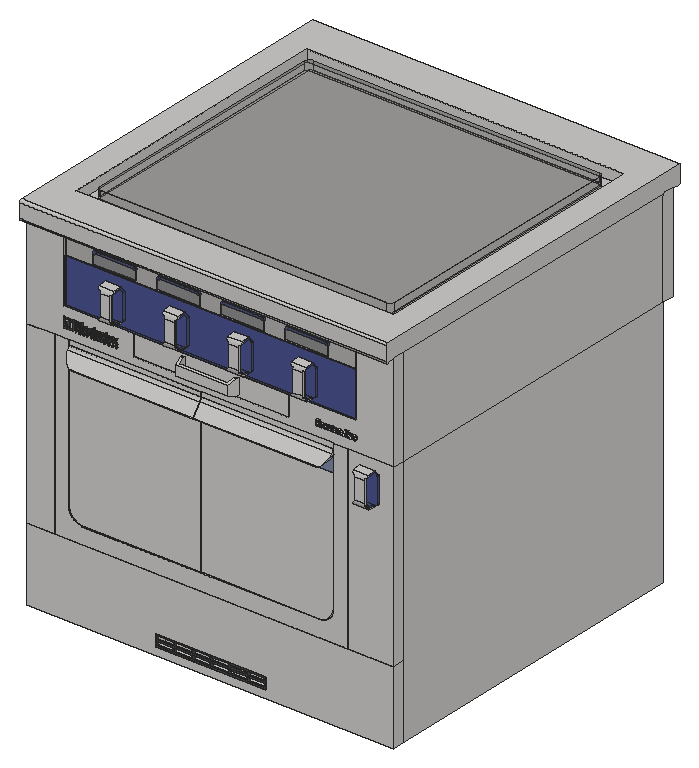
Revit family "QF_ELECTROLUXPROFESSIONAL_588466_MALQFAH4AO", category Attrezzature speciali, Revit 2020
Family settings
  Quota connettore circolare = Usa diametro
  Tipo di parte = Normale
  Basato su piano di lavoro = No
  Sempre verticale = Sì
  Taglio con vuoti quando caricato = No
  Condiviso = No
  Punto di calcolo locali = No
Parameters (values of type "Standard")
  Weight = 143.00 kg
  Watts = 14300 W
  Volts = 400 V
  URL Manufacturer = "https://www.electroluxprofessional.com/"
  URL = "https://www.electroluxprofessional.com/"
  Steam Supply Size = 0"
  Steam Supply Minimum Pressure = 0.00 psi
  Steam Supply Maximum Pressure = 0.00 psi
  Steam Consumption per Hour = 0
  Refrigeration Suction Line Size = 0 mm
  Refrigeration Liquid Line Size = 0 mm
  Refrigerant Compressor Remote = yes
  Prospetto di default = 0 mm
  Phase = 3
  Modello = "MALQFAH4AO"
  Produttore = "Electrolux Professional"
  Length Actual = 800 mm  # constant formula
  Item Number = "588466"
  Hot Water Size = 0"
  Height Actual = 800 mm  # constant formula
  HP = "19.2 HP"
  Gas Size = 0"
  Gas KW = 0
  Gas Input Pressure = 0.0 Btu/h
  Direct Waste Size = 0"
  Descrizione = "EL.SOLID T,ECO,WARM.CAB.1S,800X800X800H"
  Depth Actual = 800 mm  # constant formula
  Cycle = 50 Hz
  Condensate Return Size = 0"
  Compressed Air Volume = 0 GPM
  Compressed Air Size = 0"
  Compressed Air Pressure = 0.00 psi
  Cold Water Size = 0"
  Accessory = yes
Reference planes
  plane 1 "BACK": y = 0
  plane 2: z = 0
  plane 3 "LEFT": x = 0
  plane 4 "RIGHT": x = 800
  plane 5 "FRONT": y = -800
  plane 6 "TOP": z = 900
  plane 7 "Center (Left/Right)": x = 400
  plane 8: y = -400
  plane 9: z = 100
  plane 10: y = -150
  plane 11 "Panel": y = -755
  plane 12: z = 798
  plane 13: z = 1327
  plane 14: x = 78
  plane 15: x = 722
  plane 16: y = -150
  plane 17: y = -650
  plane 18 "EIx": x = 755
  plane 19 "EIy": y = -585
  plane 20: x = 380
  plane 21 "BASE_TOP": z = 650
  plane 22: x = 60
  plane 23: x = 700
  plane 24: z = 260
Forms (mm)
  Extrusion 1, solid, material "QF_Finishes_Stainless Steel"
    sketch origin (-178.969, -4572, 100) x (-1, 0, 0) y (0, -1, 0)
      loop
        line (-178.969, -4527) -> (-178.969, -3817) -> (-978.969, -3817) -> (-978.969, -4527) -> (-178.969, -4527)
    from 550 to 763
  Extrusion 2, solid, material "QF_Finishes_Stainless Steel"
    sketch origin (0, 0, 0) x (0, 1, 0) y (0, 0, 1)
      loop
        line (-755, 100) -> (-755, 260) -> (-780, 260) -> (-780, 100) -> (-755, 100)
    from 0 to 800
  Extrusion 3, solid, material "QF_Finishes_Stainless Steel"
    sketch origin (-588.969, -4562, 100) x (-1, 0, 0) y (0, -1, 0)
      loop
        circle (-1343.969, -3977) r 6.35
    from 0 to -11.851
  Extrusion 4, solid, material "QF_Finishes_Stainless Steel"
    sketch origin (400, 296.4, 1219.2) x (0, 1, 0) y (0, 0, 1)
      loop
        line (-296.4, -319.2) -> (-1091.4, -319.2)
        arc (-1091.4, -319.2) -> (-1094.935, -320.664) -> (-1096.4, -324.2) r 5
        line (-1096.4, -324.2) -> (-1096.4, -355.2)
        arc (-1096.4, -355.2) -> (-1094.971, -358.264) -> (-1091.705, -359.139) r 4
        line (-1091.705, -359.139) -> (-1076.4, -356.231) -> (-316.4, -356.231) -> (-301.094, -359.139)
        arc (-301.094, -359.139) -> (-297.829, -358.264) -> (-296.4, -355.2) r 4
        line (-296.4, -355.2) -> (-296.4, -319.2)
    from -400 to 400
  Extrusion 5, solid, material "QF_Finishes_Electrolux_Black Smoke Iluminated"
    sketch origin (0, 0, 900) x (-1, 0, 0) y (0, -1, 0)
      loop
        arc (-88, 109) -> (-80.929, 111.929) -> (-78, 119) r 10
        line (-78, 119) -> (-78, 680)
        arc (-78, 680) -> (-80.929, 687.071) -> (-88, 690) r 10
        line (-88, 690) -> (-712, 690)
        arc (-712, 690) -> (-719.071, 687.071) -> (-722, 680) r 10
        line (-722, 680) -> (-722, 119)
        arc (-722, 119) -> (-719.071, 111.929) -> (-712, 109) r 10
        line (-712, 109) -> (-88, 109)
    from 0 to -20
  Extrusion 6, solid, material "QF_Finishes_Stainless Steel"
    sketch origin (-178.969, -4571, 100) x (-1, 0, 0) y (0, -1, 0)
      loop
        line (-178.969, -4526) -> (-178.969, -3816) -> (-978.969, -3816) -> (-978.969, -4526) -> (-178.969, -4526)
    from 550 to 0
  Extrusion 7, void
    sketch origin (0, -755, 0) x (-1, 0, 0) y (0, 0, 1)
      loop
        line (-520, 116.594) -> (-280, 116.594) -> (-280, 141.594) -> (-520, 141.594) -> (-520, 116.594)
    from 0 to -25
  Extrusion 8, solid, material "QF_Finishes_Black"
    sketch origin (0, -755, 0) x (-1, 0, 0) y (0, 0, 1)
      loop
        line (-280, 141.594) -> (-520, 141.594) -> (-520, 116.594) -> (-280, 116.594) -> (-280, 141.594)
      loop
        line (-282, 139.594) -> (-319.131, 139.594) -> (-319.131, 130.094) -> (-282, 130.094) -> (-282, 139.594)
      loop
        line (-282, 118.594) -> (-282, 128.094) -> (-319.131, 128.094) -> (-319.131, 118.594) -> (-282, 118.594)
      loop
        line (-321.131, 139.594) -> (-359.066, 139.594) -> (-359.066, 130.094) -> (-321.131, 130.094) -> (-321.131, 139.594)
      loop
        line (-399, 139.594) -> (-399, 130.094) -> (-361.066, 130.094) -> (-361.066, 139.594) -> (-399, 139.594)
      loop
        line (-401, 139.594) -> (-438.934, 139.594) -> (-438.934, 130.094) -> (-401, 130.094) -> (-401, 139.594)
      loop
        line (-359.066, 118.594) -> (-321.131, 118.594) -> (-321.131, 128.094) -> (-359.066, 128.094) -> (-359.066, 118.594)
      loop
        line (-361.066, 118.594) -> (-361.066, 128.094) -> (-399, 128.094) -> (-399, 118.594) -> (-361.066, 118.594)
      loop
        line (-401, 128.094) -> (-438.934, 128.094) -> (-438.934, 118.594) -> (-401, 118.594) -> (-401, 128.094)
      loop
        line (-518, 139.594) -> (-518, 130.094) -> (-480.869, 130.094) -> (-480.869, 139.594) -> (-518, 139.594)
      loop
        line (-518, 118.594) -> (-480.869, 118.594) -> (-480.869, 128.094) -> (-518, 128.094) -> (-518, 118.594)
      loop
        line (-478.869, 139.594) -> (-478.869, 130.094) -> (-440.934, 130.094) -> (-440.934, 139.594) -> (-478.869, 139.594)
      loop
        line (-440.934, 118.594) -> (-440.934, 128.094) -> (-478.869, 128.094) -> (-478.869, 118.594) -> (-440.934, 118.594)
    from -25.03 to -20
  Extrusion 9, void
    sketch origin (0, 0, 900) x (-1, 0, 0) y (0, -1, 0)
      loop
        line (-53, 715) -> (-747, 715) -> (-747, 84) -> (-53, 84) -> (-53, 715)
    from 0 to -25
  Extrusion 10, solid, material "QF_Finishes_Stainless Steel"
    sketch origin (0, 0, 900) x (-1, 0, 0) y (0, -1, 0)
      loop
        line (-82, 113) -> (-82, 686) -> (-718, 686) -> (-718, 113) -> (-82, 113)
    from -20 to -25
  Extrusion 11, solid, material "QF_Finishes_Stainless Steel"
    sketch origin (0, -755, 0) x (-1, 0, 0) y (0, 0, 1)
      loop
        line (0, 260) -> (0, 650) -> (-60, 650) -> (-60, 260) -> (0, 260)
    from 0 to -25.03
  Extrusion 12, solid, material "QF_Finishes_Stainless Steel"
    sketch origin (0, -755, 0) x (-1, 0, 0) y (0, 0, 1)
      loop
        line (-700, 260) -> (-700, 650) -> (-800, 650) -> (-800, 260) -> (-700, 260)
    from 0 to -25.03
  Extrusion 13, solid, material "QF_Finishes_Stainless Steel"
    sketch origin (70, -755, 0) x (-1, 0, 0) y (0, 0, 1)
      loop
        line (10, 260) -> (10, 650) -> (-20, 650) -> (-20, 325)
        arc (-20, 325) -> (-28.787, 303.787) -> (-50, 295) r 30
        line (-50, 295) -> (-570, 295)
        arc (-570, 295) -> (-591.213, 303.787) -> (-600, 325) r 30
        line (-600, 325) -> (-600, 650) -> (-630, 650) -> (-630, 260) -> (10, 260)
    from 0 to -25.03
  Extrusion 14, solid, material "QF_Finishes_Stainless Steel"
    sketch origin (0, 0, 0) x (1, 0, 0) y (0, 0, 1)
      loop
        line (0, 650) -> (800, 650) -> (800, 862.969) -> (0, 862.969) -> (0, 650)
    from 45 to 20
Cuts and joins
  Extrusion 7 cuts Extrusion 6
  Extrusion 7 cuts Extrusion 2
  Extrusion 9 cuts Extrusion 4
Lines and regions (mm)
  symbolic lines
    curve 1: line (0, 0, 100) -> (800, 0, 100)
    curve 2: line (0, -800, 100) -> (0, 0, 100)
    curve 3: line (800, -800, 100) -> (0, -800, 100)
    curve 4: line (800, 0, 100) -> (800, -800, 100)
    curve 5: line (712, -109, 100) -> (88, -109, 100)
    curve 6: line (78, -119, 100) -> (78, -680, 100)
    curve 7: line (88, -690, 100) -> (712, -690, 100)
    curve 8: line (722, -680, 100) -> (722, -119, 100)
    curve 9: arc (88, -109, 100) -> (80.929, -111.929, 100) -> (78, -119, 100) r 10
    curve 10: arc (722, -119, 100) -> (719.071, -111.929, 100) -> (712, -109, 100) r 10
    curve 11: arc (712, -690, 100) -> (719.071, -687.071, 100) -> (722, -680, 100) r 10
    curve 12: arc (78, -680, 100) -> (80.929, -687.071, 100) -> (88, -690, 100) r 10
    curve 13: line (747, -84, 900) -> (53, -84, 900)
    curve 14: line (53, -84, 900) -> (53, -715, 900)
    curve 15: line (747, -715, 900) -> (747, -84, 900)
    curve 16: line (53, -715, 900) -> (747, -715, 900)
  model lines, style "SpecialityEquipment"
    curve 17: arc (584, -161, 900) -> (530.967, -289.033, 900) -> (659, -236, 900) r 75
    curve 18: line (639, -236, 900) -> (679, -236, 900)
    curve 19: line (679, -236, 900) -> (659, -216, 900)
    curve 20: line (639, -236, 900) -> (659, -216, 900)
    curve 21: arc (216, -161, 900) -> (162.967, -289.033, 900) -> (291, -236, 900) r 75
    curve 22: line (271, -236, 900) -> (311, -236, 900)
    curve 23: line (311, -236, 900) -> (291, -216, 900)
    curve 24: line (271, -236, 900) -> (291, -216, 900)
    curve 25: arc (584, -489, 900) -> (530.967, -617.033, 900) -> (659, -564, 900) r 75
    curve 26: line (639, -564, 900) -> (679, -564, 900)
    curve 27: line (679, -564, 900) -> (659, -544, 900)
    curve 28: line (639, -564, 900) -> (659, -544, 900)
    curve 29: arc (216, -489, 900) -> (162.967, -617.033, 900) -> (291, -564, 900) r 75
    curve 30: line (271, -564, 900) -> (311, -564, 900)
    curve 31: line (311, -564, 900) -> (291, -544, 900)
    curve 32: line (271, -564, 900) -> (291, -544, 900)
Dimensions and locks
  plane 3 "LEFT" to plane 4 "RIGHT" = 800 mm
  plane 5 "FRONT" to plane 1 "BACK" = 800 mm
  equal spacing: plane 3 "LEFT", plane 7 "Center (Left/Right)", plane 4 "RIGHT"
  equal spacing: plane 5 "FRONT", plane 8, plane 1 "BACK"
  plane 9 to level = 100 mm
  plane 1 "BACK" to plane 10 to plane 11 "Panel" = 150 mm, 605 mm  (x2)
  plane 6 "TOP" to plane 9 to level = 800 mm, 100 mm
  plane 6 "TOP" to level = 900 mm
  plane 1 "BACK" to plane 5 "FRONT" = 800 mm
  plane 1 "BACK" to Extrusion 3 = 585 mm
  plane 12 to plane 9 = 698 mm
  plane 13 to plane 6 "TOP" = 427 mm
  plane 6 "TOP" to plane 12 = 102 mm
  plane 14 to plane 3 "LEFT" = 78 mm
  plane 15 to plane 4 "RIGHT" = 78 mm
  locked: plane 1 "BACK" to plane 16 at 150
  locked: plane 16 to plane 17 at 500
  plane 11 "Panel" to plane 5 "FRONT" = 45 mm
  plane 18 "EIx" to plane 4 "RIGHT" = 45 mm
  plane 19 "EIy" to plane 1 "BACK" = 585 mm
  plane 7 "Center (Left/Right)" to plane 20 = 20 mm
  locked: plane 22 to plane 3 "LEFT" at 60
  plane 23 to plane 4 "RIGHT" = 100 mm
  plane 6 "TOP" to plane 21 "BASE_TOP" to plane 9 to level = 250 mm, 550 mm, 100 mm
  aligned and locked: level to plane 2
  aligned and locked: Extrusion 2 to plane 4 "RIGHT"
  aligned and locked: Extrusion 12 to plane 4 "RIGHT"
  aligned and locked: Extrusion 12 to plane 23
  aligned and locked: plane 21 "BASE_TOP" to Extrusion 12
  aligned and locked: Extrusion 12 to plane 24
  aligned and locked: Extrusion 11 to plane 3 "LEFT"
  aligned and locked: plane 22 to Extrusion 11
  aligned and locked: Extrusion 11 to plane 24
  aligned and locked: Extrusion 13 sketch curve to plane 22
  aligned and locked: Extrusion 13 sketch curve to plane 23
  aligned and locked: Extrusion 13 sketch curve to plane 21 "BASE_TOP"
  aligned and locked: Extrusion 14 to plane 3 "LEFT"
  aligned and locked: Extrusion 14 to plane 21 "BASE_TOP"
  aligned and locked: Extrusion 14 to cut or joined group of Extrusion 4, Extrusion 9
  aligned and locked: plane 24 to cut or joined group of Extrusion 2, Extrusion 7
Automatic sketch dimensions
  Extrusion 1 sketch curve to plane 4 "RIGHT" = 0 mm
  Extrusion 1 sketch curve to plane 3 "LEFT" = 0 mm
  Extrusion 1 sketch curve to plane 11 "Panel" = 0 mm
  plane 1 "BACK" to Extrusion 1 sketch curve = 45 mm
  Extrusion 2 sketch curve to plane 9 = 0 mm
  Extrusion 2 sketch curve to plane 11 "Panel" = 0 mm
  plane 24 to Extrusion 2 sketch curve = 0 mm
  Extrusion 2 sketch curve to plane 5 "FRONT" = 20 mm
  plane 1 "BACK" to curve 1 = 0 mm
  curve 1 to plane 4 "RIGHT" = 0 mm
  curve 8 to plane 15 = 0 mm
  curve 6 to plane 14 = 0 mm
  curve 2 to plane 3 "LEFT" = 0 mm
  plane 5 "FRONT" to curve 3 = 0 mm
  plane 15 to curve 5 = 10 mm
  curve 11 to curve 11 = 10 mm
  curve 5 to plane 14 = 10 mm
  curve 12 to curve 6 = 10 mm
  plane 10 to curve 5 = 41 mm
  plane 17 to curve 11 = 30 mm
  Extrusion 3 sketch curve to plane 18 "EIx" = 0 mm
  Extrusion 3 sketch curve to plane 19 "EIy" = 0 mm
  Extrusion 4 sketch curve to plane 5 "FRONT" = 0 mm
  Extrusion 4 sketch curve to plane 6 "TOP" = 0 mm
  Extrusion 4 sketch curve to plane 1 "BACK" = 0 mm
  Extrusion 4 sketch curve to plane 5 "FRONT" = 4 mm
  Extrusion 4 sketch curve to Extrusion 4 sketch curve = 0.695 mm
  Extrusion 4 sketch curve to plane 5 "FRONT" = 5 mm
  Extrusion 4 sketch curve to Extrusion 4 sketch curve = 15.305 mm
  plane 1 "BACK" to Extrusion 4 sketch curve = 20 mm
  plane 1 "BACK" to Extrusion 4 sketch curve = 4.695 mm
  Extrusion 4 sketch curve to Extrusion 4 sketch curve = 4 mm
  Extrusion 4 sketch curve to Extrusion 4 sketch curve = 31 mm
  Extrusion 4 sketch curve to plane 6 "TOP" = 36 mm
  Extrusion 4 sketch curve to Extrusion 4 sketch curve = 2.909 mm
  Extrusion 5 sketch curve to plane 15 = 0 mm
  Extrusion 5 sketch curve to plane 14 = 0 mm
  plane 15 to Extrusion 5 sketch curve = 10 mm  (x2)
  Extrusion 5 sketch curve to Extrusion 5 sketch curve = 10 mm  (x2)
  plane 10 to Extrusion 5 sketch curve = 41 mm
  plane 17 to Extrusion 5 sketch curve = 30 mm
  Extrusion 6 sketch curve to plane 4 "RIGHT" = 0 mm
  Extrusion 6 sketch curve to plane 3 "LEFT" = 0 mm
  plane 11 "Panel" to Extrusion 6 sketch curve = 0 mm
  plane 1 "BACK" to Extrusion 6 sketch curve = 45 mm
  plane 9 to Extrusion 7 sketch curve = 41.594 mm
  plane 7 "Center (Left/Right)" to Extrusion 7 sketch curve = 120 mm
  Extrusion 7 sketch curve to plane 20 = 100 mm
  plane 9 to Extrusion 7 sketch curve = 16.594 mm
  plane 9 to Extrusion 8 sketch curve = 41.594 mm
  plane 7 "Center (Left/Right)" to Extrusion 8 sketch curve = 120 mm
  Extrusion 8 sketch curve to Extrusion 8 sketch curve = 2 mm  (x16)
  Extrusion 8 sketch curve to Extrusion 8 sketch curve = 0 mm  (x15)
  Extrusion 8 sketch curve to Extrusion 8 sketch curve = 37.131 mm  (x2)
  Extrusion 8 sketch curve to Extrusion 8 sketch curve = 37.934 mm  (x2)
  plane 7 "Center (Left/Right)" to Extrusion 8 sketch curve = 1 mm  (x2)
  Extrusion 8 sketch curve to plane 7 "Center (Left/Right)" = 1 mm  (x2)
  Extrusion 8 sketch curve to plane 20 = 18.934 mm
  plane 9 to Extrusion 8 sketch curve = 18.594 mm  (x4)
  Extrusion 8 sketch curve to Extrusion 8 sketch curve = 9.5 mm  (x6)
  plane 18 "EIx" to Extrusion 9 sketch curve = 8 mm
  Extrusion 9 sketch curve to plane 22 = 7 mm
  plane 10 to Extrusion 9 sketch curve = 66 mm
  plane 11 "Panel" to Extrusion 9 sketch curve = 40 mm
  plane 15 to Extrusion 10 sketch curve = 4 mm
  Extrusion 10 sketch curve to plane 14 = 4 mm
  plane 10 to Extrusion 10 sketch curve = 37 mm
  plane 17 to Extrusion 10 sketch curve = 36 mm
  plane 18 "EIx" to curve 16 = 8 mm
  curve 19 to plane 23 = 21 mm
  curve 27 to plane 23 = 21 mm
  curve 26 to curve 27 = 20 mm
  curve 18 to curve 20 = 20 mm
  curve 19 to curve 20 = 20 mm
  curve 27 to curve 26 = 20 mm
  curve 18 to curve 17 = 55 mm
  curve 26 to curve 25 = 55 mm
  curve 31 to plane 20 = 69 mm
  curve 23 to plane 20 = 69 mm
  curve 22 to curve 24 = 20 mm
  curve 30 to curve 31 = 20 mm
  curve 31 to curve 32 = 20 mm
  curve 23 to curve 24 = 20 mm
  curve 22 to curve 21 = 55 mm
  curve 30 to curve 29 = 55 mm
  curve 14 to plane 22 = 7 mm
  curve 22 to plane 10 = 86 mm
  curve 18 to plane 10 = 86 mm
  plane 10 to curve 13 = 66 mm
  plane 11 "Panel" to curve 15 = 40 mm
  curve 25 to curve 26 = 20 mm
  curve 17 to curve 18 = 20 mm
  curve 29 to curve 30 = 20 mm
  curve 21 to curve 22 = 20 mm
  Extrusion 11 sketch curve to plane 22 = 0 mm
  Extrusion 11 sketch curve to plane 3 "LEFT" = 0 mm
  Extrusion 11 sketch curve to plane 24 = 0 mm
  Extrusion 11 sketch curve to plane 21 "BASE_TOP" = 0 mm
  plane 4 "RIGHT" to Extrusion 12 sketch curve = 0 mm
  Extrusion 12 sketch curve to plane 21 "BASE_TOP" = 0 mm
  Extrusion 12 sketch curve to plane 23 = 0 mm
  Extrusion 12 sketch curve to plane 24 = 0 mm
  Extrusion 13 sketch curve to plane 21 "BASE_TOP" = 0 mm
  Extrusion 13 sketch curve to plane 24 = 0 mm
  Extrusion 13 sketch curve to plane 23 = 30 mm
  Extrusion 13 sketch curve to Extrusion 13 sketch curve = 30 mm
  Extrusion 13 sketch curve to plane 14 = 42 mm
  Extrusion 13 sketch curve to plane 14 = 12 mm
  plane 24 to Extrusion 13 sketch curve = 35 mm
  plane 21 "BASE_TOP" to Extrusion 14 sketch curve = 212.969 mm
  Extrusion 14 sketch curve to plane 23 = 700 mm
  plane 4 "RIGHT" to Extrusion 14 sketch curve = 0 mm
  plane 24 to Extrusion 14 sketch curve = 390 mm
  plane 19 "EIy" to curve 31 = 21 mm
  plane 19 "EIy" to curve 27 = 41 mm
  radius of Extrusion 3 sketch curve = 6.35 mm
Nested families
  nested 1: "FIT Range Control Handle" at (745, -783.167, -372.751), type "FIT Range Control Handle"
  nested 2: "Front_Panel_W800_Four Knobs" at (202.376, -755, 0), type "Front_Panel_W800_Four Knobs"
  nested 3: "H450H2_2DOOR" at (343.958, -755, 200) x (1, 0, 0) z (0, -1, 0), type "H450H2_2DOOR"
    with Width 580 mm, Wdoor 290 mm, Show Clearance yes
  nested 4: "Warm" at (800, -800, 900), type "Warm"
Connectors
  electrical at (755, -585, 88.149)
    settings: on Extrusion 3, index 1, voltage 400 V, apparent load 33000 VA, apparent load phase1 0 VA, apparent load phase2 0 VA, apparent load phase3 0 VA, power factor 1, load classification "Other", number of poles 1, system type 30, power factor state 1, is connector primary yes, connector utility no, sub classification motor no, connector description "ELECTRICAL CONNECTION"
Definition of nested family "FIT Range Control Handle"
  Parameters
    Default Elevation = 0 mm
  Reference planes
    plane 1 "Center (Front/Back)": y = 0
    plane 2: z = 0
    plane 3 "Center (Left/Right)": x = 0
    plane 4: z = 971.092
    plane 5: y = -16.8
  Forms (mm)
    Extrusion 1, solid
      sketch origin (-746.28, 380.497, 208.931) x (-1, 0, 0) y (0, 0, 1)
        loop
          line (-770.101, 786.798) -> (-770.101, 731.649)
          arc (-770.101, 731.649) -> (-769.759, 730.563) -> (-768.855, 729.87) r 1.893
          line (-768.855, 729.87) -> (-763.474, 727.911) -> (-729.81, 727.911) -> (-724.428, 729.87)
          arc (-724.428, 729.87) -> (-723.525, 730.563) -> (-723.183, 731.649) r 1.893
          line (-723.183, 731.649) -> (-723.183, 786.798)
          arc (-723.183, 786.798) -> (-723.529, 787.894) -> (-724.44, 788.593) r 1.91
          line (-724.44, 788.593) -> (-729.683, 790.819) -> (-763.601, 790.819) -> (-768.844, 788.593)
          arc (-768.844, 788.593) -> (-769.755, 787.894) -> (-770.101, 786.798) r 1.91
      from -382.35 to -378.852
    Sweep 2, solid
      path origin (-746.788, 380.496, 208.091) x (0, -1, 0) y (0, 0, 1)
        loop
          line (379.775, 793.281) -> (395.661, 791.048)
          arc (395.661, 791.048) -> (397.781, 787.377) -> (398.517, 783.202) r 12.207
          line (398.517, 783.202) -> (398.517, 737.368)
          arc (398.517, 737.368) -> (397.781, 733.193) -> (395.661, 729.522) r 12.207
          line (395.661, 729.522) -> (379.775, 727.289)
      profile origin (-746.788, -7.222, 1000.256) x (0, -0.139173, 0.990268) y (-1, 0, 0)
        loop
          line (0.782, -763.123) -> (0.782, -730.907) -> (-1.322, -730.907) -> (-1.322, -763.123) -> (0.782, -763.123)
    Sweep 3, solid
      path origin (-746.788, 380.715, 207.832) x (0, -1, 0) y (0, 0, 1)
        loop
          line (380.478, 795.442) -> (397.218, 793.09)
          arc (397.218, 793.09) -> (399.929, 788.473) -> (400.871, 783.202) r 15.207
          line (400.871, 783.202) -> (400.871, 737.584)
          arc (400.871, 737.584) -> (399.914, 732.274) -> (397.164, 727.633) r 15.207
          line (397.164, 727.633) -> (380.601, 725.305)
      profile origin (-746.788, -8.132, 1002.099) x (0, -0.139173, 0.990268) y (-1, 0, 0)
        loop
          line (0.782, -763.123) -> (0.782, -730.907) -> (-1.322, -730.907) -> (-1.322, -763.123) -> (0.782, -763.123)
    Extrusion 4, void
      sketch origin (889.253, 220.666, 207.993) x (1, 0, 0) y (0, 0, 1)
        loop
          line (-943.038, 816.854) -> (-943.038, 703.686) -> (-899.466, 734.196) -> (-899.466, 786.344) -> (-943.038, 816.854)
      from 230.636 to 242.25
    Extrusion 5, void
      sketch origin (-888.8, 220.666, 207.993) x (-1, 0, 0) y (0, 0, -1)
        loop
          line (-943.038, -816.854) -> (-899.466, -786.344) -> (-899.466, -734.196) -> (-943.038, -703.686) -> (-943.038, -816.854)
      from 230.636 to 242.25
    Extrusion 6, solid
      sketch origin (0, 0, 0) x (1, 0, 0) y (0, 0, 1)
        loop
          circle (0, 971.092) r 7.736
      from -3.137 to -1.645
  Cuts and joins
    Extrusion 4, Extrusion 5 cuts Sweep 3
    Extrusion 4, Extrusion 5 cuts Sweep 2
    joined: Extrusion 1, Extrusion 6
  Lines and regions (mm)
    symbolic lines
      curve 1: line (-15.881, -19.189, 0) -> (-15.881, -16.8, 0)
      curve 2: line (16.334, -19.189, 0) -> (16.334, -16.8, 0)
      curve 3: spline (-15.881, -19.189, 0) -> (-15.417, -19.349, 0) -> (-14.951, -19.501, 0) -> (-14.483, -19.646, 0) -> (-14.014, -19.783, 0) -> (-13.543, -19.912, 0) -> (-13.071, -20.033, 0) -> (-12.597, -20.146, 0) -> (-12.122, -20.251, 0) -> (-11.646, -20.349, 0) -> (-11.169, -20.438, 0) -> (-10.691, -20.52, 0) -> (-10.213, -20.593, 0)
      curve 4: spline (10.666, -20.593, 0) -> (11.144, -20.52, 0) -> (11.622, -20.438, 0) -> (12.099, -20.349, 0) -> (12.575, -20.251, 0) -> (13.05, -20.146, 0) -> (13.524, -20.033, 0) -> (13.996, -19.912, 0) -> (14.467, -19.783, 0) -> (14.936, -19.646, 0) -> (15.404, -19.501, 0) -> (15.87, -19.349, 0) -> (16.334, -19.189, 0)
      curve 5: line (-10.213, -20.938, 0) -> (10.716, -20.938, 0)
  Dimensions and locks
    cut or joined group of Sweep 3, Extrusion 4, Extrusion 5 to cut or joined group of Sweep 3, Extrusion 4, Extrusion 5 = 71.686 mm
Definition of nested family "Front_Panel_W800_Four Knobs"
  Parameters
    Default Elevation = 0 mm
  Reference planes
    plane 1 "Center (Front/Back)": y = 0
    plane 2: z = 0
    plane 3 "Center (Left/Right)": x = 197.624
    plane 4 "Left": x = -202.376
    plane 5 "Right": x = 597.624
    plane 6: y = -45
    plane 7: x = -12.376
    plane 8: x = 127.624
    plane 9: y = -310
    plane 10: y = -25
    plane 11: x = 517.624
    plane 12: x = -122.376
  Forms (mm)
    Extrusion 1, solid
      sketch origin (833.217, 829.203, -1.25) x (0, 1, 0) y (0, 0, 1)
        loop
          line (-854.203, 651.25) -> (-829.203, 651.25) -> (-829.203, 864.25) -> (-854.203, 864.25) -> (-854.203, 651.25)
      from -1035.593 to -235.593
    Extrusion 2, void
      sketch origin (0, 0, 0) x (1, 0, 0) y (0, 0, 1)
        loop
          line (-122.376, 853.866) -> (-122.376, 711.866) -> (517.624, 711.866) -> (517.624, 853.866) -> (-122.376, 853.866)
      from 19.387 to 33.951
    Extrusion 3, void
      sketch origin (0, 0, 0) x (1, 0, 0) y (0, 0, 1)
        loop
          line (30.124, 711.866) -> (30.124, 666.866) -> (370.124, 666.866) -> (370.124, 711.866) -> (30.124, 711.866)
      from 19.387 to 25
    Extrusion 4, solid
      sketch origin (0, 0, 0) x (1, 0, 0) y (0, 0, 1)
        loop
          line (31.124, 710.866) -> (31.124, 667.866) -> (369.124, 667.866) -> (369.124, 710.866) -> (31.124, 710.866)
      from 19.387 to 25
    Extrusion 5, solid
      sketch origin (0, 0, 0) x (1, 0, 0) y (0, 1, 0)
        loop
          line (141.059, -25) -> (135.966, -25) -> (140.646, -49.075) -> (254.603, -49.075) -> (259.283, -25) -> (254.189, -25) -> (250.481, -44.075) -> (144.767, -44.075) -> (141.059, -25)
      from 672.593 to 705.67
    Extrusion 6, void
      sketch origin (197.624, 0, 0) x (0, 1, 0) y (0, 0, 1)
        loop
          line (-30, 705.67) -> (-30, 710.67) -> (-56.744, 710.67) -> (-56.744, 667.593) -> (-30, 667.593) -> (-30, 672.593) -> (-53.776, 680.318) -> (-53.776, 697.945) -> (-30, 705.67)
      from -70 to 70
    Extrusion 7, solid, detail levels coarse
      sketch origin (0, -265, 0) x (1, 0, 0) y (0, 1, 0)
        loop
          line (140.646, -69.075) -> (254.603, -69.075) -> (259.283, -45) -> (364.124, -45) -> (364.124, 240) -> (31.124, 240) -> (31.124, -45) -> (135.966, -45) -> (140.646, -69.075)
      from 672.593 to 705.67
    Extrusion 8, void
      sketch origin (197.624, -280, 0) x (0, 1, 0) y (0, 0, 1)
        loop
          line (-30, 705.67) -> (-30, 710.67) -> (-56.744, 710.67) -> (-56.744, 667.593) -> (-30, 667.593) -> (-30, 672.593) -> (-53.776, 680.318) -> (-53.776, 697.945) -> (-30, 705.67)
      from -70 to 70
  Cuts and joins
    Extrusion 2, Extrusion 3 cuts Extrusion 1
    Extrusion 6, Extrusion 8 cuts Extrusion 5
    Extrusion 8 cuts Extrusion 7
  Lines and regions (mm)
    symbolic lines
      curve 1: line (31.124, -45, 0) -> (31.124, -310, 0)
      curve 2: line (31.124, -310, 0) -> (364.124, -310, 0)
      curve 3: line (135.966, -310, 0) -> (140.646, -334.075, 0)
      curve 4: line (140.646, -334.075, 0) -> (254.603, -334.075, 0)
      curve 5: line (254.603, -334.075, 0) -> (259.283, -310, 0)
      curve 6: line (364.124, -310, 0) -> (364.124, -45, 0)
      curve 7: line (31.124, -300, 0) -> (364.124, -300, 0)
      curve 8: line (140.874, -309.046, 0) -> (144.767, -329.075, 0)
      curve 9: line (144.767, -329.075, 0) -> (250.481, -329.075, 0)
      curve 10: line (250.481, -329.075, 0) -> (254.375, -309.046, 0)
  Dimensions and locks
    equal spacing: plane 5 "Right", plane 3 "Center (Left/Right)", plane 4 "Left"
    plane 5 "Right" to plane 4 "Left" = 800 mm
    plane 3 "Center (Left/Right)" to plane 7 = 210 mm
    plane 3 "Center (Left/Right)" to plane 8 = 70 mm
    plane 6 to plane 9 = 265 mm
    aligned and locked: cut or joined group of Extrusion 1, Extrusion 2, Extrusion 3 to plane 4 "Left"
    aligned and locked: plane 5 "Right" to cut or joined group of Extrusion 1, Extrusion 2, Extrusion 3
    aligned and locked: plane 3 "Center (Left/Right)" to nested 2
    aligned and locked: cut or joined group of Extrusion 1, Extrusion 2, Extrusion 3 to nested 2
  Automatic sketch dimensions
    plane 7 to Extrusion 3 sketch curve = 42.5 mm
    plane 3 "Center (Left/Right)" to Extrusion 3 sketch curve = 172.5 mm
    level to Extrusion 3 sketch curve = 666.866 mm
    Extrusion 3 sketch curve to Extrusion 3 sketch curve = 45 mm
    plane 7 to Extrusion 4 sketch curve = 43.5 mm
    plane 3 "Center (Left/Right)" to Extrusion 4 sketch curve = 171.5 mm
    level to Extrusion 4 sketch curve = 667.866 mm
    Extrusion 4 sketch curve to Extrusion 4 sketch curve = 43 mm
    plane 8 to Extrusion 5 sketch curve = 8.342 mm
    plane 6 to Extrusion 5 sketch curve = 4.075 mm
    plane 8 to Extrusion 5 sketch curve = 13.021 mm
    Extrusion 5 sketch curve to Extrusion 5 sketch curve = 5.094 mm  (x2)
    Extrusion 5 sketch curve to plane 6 = 0.925 mm
    Extrusion 5 sketch curve to Extrusion 5 sketch curve = 4.122 mm  (x2)
    plane 3 "Center (Left/Right)" to Extrusion 5 sketch curve = 52.857 mm
    Extrusion 5 sketch curve to plane 6 = 20 mm  (x2)
    Extrusion 5 sketch curve to Extrusion 5 sketch curve = 3.708 mm
    plane 6 to Extrusion 6 sketch curve = 11.744 mm
    plane 6 to Extrusion 6 sketch curve = 8.776 mm
    Extrusion 6 sketch curve to plane 6 = 15 mm  (x2)
    level to Extrusion 6 sketch curve = 667.593 mm
    Extrusion 6 sketch curve to Extrusion 6 sketch curve = 5 mm
    Extrusion 6 sketch curve to Extrusion 6 sketch curve = 12.725 mm  (x2)
    Extrusion 6 sketch curve to Extrusion 6 sketch curve = 17.627 mm
    Extrusion 6 sketch curve to Extrusion 6 sketch curve = 7.725 mm
    Extrusion 8 sketch curve to plane 9 = 26.744 mm
    Extrusion 8 sketch curve to plane 9 = 23.776 mm
    plane 9 to Extrusion 8 sketch curve = 0 mm  (x2)
    level to Extrusion 8 sketch curve = 667.593 mm
    Extrusion 8 sketch curve to Extrusion 8 sketch curve = 5 mm
    Extrusion 8 sketch curve to Extrusion 8 sketch curve = 12.725 mm  (x2)
    Extrusion 8 sketch curve to Extrusion 8 sketch curve = 17.627 mm
    Extrusion 8 sketch curve to Extrusion 8 sketch curve = 7.725 mm
    plane 9 to Extrusion 7 sketch curve = 0 mm  (x2)
    plane 7 to Extrusion 7 sketch curve = 43.5 mm
    plane 8 to Extrusion 7 sketch curve = 8.342 mm
    Extrusion 7 sketch curve to plane 9 = 24.075 mm
    plane 8 to Extrusion 7 sketch curve = 13.021 mm
    Extrusion 7 sketch curve to Extrusion 7 sketch curve = 104.842 mm
    Extrusion 7 sketch curve to plane 6 = 20 mm
    plane 3 "Center (Left/Right)" to Extrusion 7 sketch curve = 56.979 mm
    Extrusion 7 sketch curve to Extrusion 7 sketch curve = 4.68 mm
    Extrusion 1 sketch curve to plane 1 "Center (Front/Back)" = 0 mm
    level to Extrusion 1 sketch curve = 650 mm
    plane 4 "Left" to Extrusion 2 sketch curve = 80 mm
    Extrusion 2 sketch curve to plane 5 "Right" = 80 mm
    level to Extrusion 2 sketch curve = 711.866 mm
    Extrusion 2 sketch curve to Extrusion 2 sketch curve = 142 mm
    plane 6 to curve 1 = 0 mm
    plane 6 to curve 6 = 0 mm
    plane 9 to curve 1 = 0 mm
    plane 7 to curve 1 = 43.5 mm
    curve 4 to plane 9 = 24.075 mm
    plane 8 to curve 4 = 13.021 mm
    curve 3 to curve 8 = 4.122 mm
    plane 3 "Center (Left/Right)" to curve 4 = 56.979 mm
    curve 4 to curve 2 = 109.521 mm
    plane 8 to curve 3 = 8.342 mm
    curve 3 to curve 8 = 4.908 mm
    curve 9 to curve 4 = 4.122 mm
    curve 10 to plane 9 = 19.075 mm
    curve 9 to curve 5 = 8.801 mm
    plane 9 to curve 10 = 0.954 mm
    curve 10 to curve 5 = 4.908 mm
    curve 3 to curve 8 = 0.954 mm
    curve 1 to curve 7 = 10 mm
    Extrusion 1 sketch curve to plane 6 = 20 mm
    Extrusion 1 sketch curve to Extrusion 1 sketch curve = 213 mm
  Nested families
    nested 1: "Range Control Handle" at (-12.376, -28.137, -209.113) x (-1, 0, 0) z (0, 0, 1), type "Range Control Handle"
    nested 2: "Front glass control panel W800" at (197.624, 280.644, 2.752), type "Front glass control panel W800"
    nested 3: "Range Control Handle" at (127.624, -28.137, -209.113) x (-1, 0, 0) z (0, 0, 1), type "Range Control Handle"
    nested 4: "Range Control Handle" at (407.624, -28.137, -209.113), type "Range Control Handle"
    nested 5: "Range Control Handle" at (267.624, -28.137, -209.113), type "Range Control Handle"
    nested 6: "ELX_ThermaLine_Small" at (468.838, -25, 679.426) x (1, 0, 0) z (0, -1, 0), type "ELX_ThermaLine_Small"
      with Show Logo yes, Material_Logo none
    nested 7: "ELX_Professional_Logo_Small" at (-62.89, -25, 681.659) x (1, 0, 0) z (0, -1, 0), type "ELX_Professional_Logo_Small"
      with Show Logo yes, Material_Logo none
  Definition of nested family "Range Control Handle"
    Parameters
      Default Elevation = 0 mm
    Reference planes
      plane 1 "Center (Front/Back)": y = 0
      plane 2: z = 0
      plane 3 "Center (Left/Right)": x = 0
      plane 4: z = 971.092
      plane 5: y = -16.9
    Forms (mm)
      Extrusion 1, solid
        sketch origin (-746.28, 380.497, 208.931) x (-1, 0, 0) y (0, 0, 1)
          loop
            line (-770.101, 786.798) -> (-770.101, 731.649)
            arc (-770.101, 731.649) -> (-769.759, 730.563) -> (-768.855, 729.87) r 1.893
            line (-768.855, 729.87) -> (-763.474, 727.911) -> (-729.81, 727.911) -> (-724.428, 729.87)
            arc (-724.428, 729.87) -> (-723.525, 730.563) -> (-723.183, 731.649) r 1.893
            line (-723.183, 731.649) -> (-723.183, 786.798)
            arc (-723.183, 786.798) -> (-723.529, 787.894) -> (-724.44, 788.593) r 1.91
            line (-724.44, 788.593) -> (-729.683, 790.819) -> (-763.601, 790.819) -> (-768.844, 788.593)
            arc (-768.844, 788.593) -> (-769.755, 787.894) -> (-770.101, 786.798) r 1.91
        from -382.35 to -378.852
      Sweep 2, solid
        path origin (-746.788, 380.496, 208.091) x (0, -1, 0) y (0, 0, 1)
          loop
            line (379.775, 793.281) -> (395.661, 791.048)
            arc (395.661, 791.048) -> (397.781, 787.377) -> (398.517, 783.202) r 12.207
            line (398.517, 783.202) -> (398.517, 737.368)
            arc (398.517, 737.368) -> (397.781, 733.193) -> (395.661, 729.522) r 12.207
            line (395.661, 729.522) -> (379.775, 727.289)
        profile origin (-746.788, -7.222, 1000.256) x (0, -0.139173, 0.990268) y (-1, 0, 0)
          loop
            line (0.782, -763.123) -> (0.782, -730.907) -> (-1.322, -730.907) -> (-1.322, -763.123) -> (0.782, -763.123)
      Sweep 3, solid
        path origin (-746.788, 380.715, 207.832) x (0, -1, 0) y (0, 0, 1)
          loop
            line (380.478, 795.442) -> (397.218, 793.09)
            arc (397.218, 793.09) -> (399.929, 788.473) -> (400.871, 783.202) r 15.207
            line (400.871, 783.202) -> (400.871, 737.584)
            arc (400.871, 737.584) -> (399.914, 732.274) -> (397.164, 727.633) r 15.207
            line (397.164, 727.633) -> (380.601, 725.305)
        profile origin (-746.788, -8.132, 1002.099) x (0, -0.139173, 0.990268) y (-1, 0, 0)
          loop
            line (0.782, -763.123) -> (0.782, -730.907) -> (-1.322, -730.907) -> (-1.322, -763.123) -> (0.782, -763.123)
      Extrusion 4, void
        sketch origin (889.253, 220.666, 207.993) x (1, 0, 0) y (0, 0, 1)
          loop
            line (-943.038, 816.854) -> (-943.038, 703.686) -> (-899.466, 734.196) -> (-899.466, 786.344) -> (-943.038, 816.854)
        from 230.636 to 242.25
      Extrusion 5, void
        sketch origin (-888.8, 220.666, 207.993) x (-1, 0, 0) y (0, 0, -1)
          loop
            line (-943.038, -816.854) -> (-899.466, -786.344) -> (-899.466, -734.196) -> (-943.038, -703.686) -> (-943.038, -816.854)
        from 230.636 to 242.25
      Extrusion 6, solid
        sketch origin (0, 0, 0) x (1, 0, 0) y (0, 0, 1)
          loop
            circle (0, 971.092) r 7.736
        from -3.137 to -1.645
    Cuts and joins
      Extrusion 4, Extrusion 5 cuts Sweep 3
      Extrusion 4, Extrusion 5 cuts Sweep 2
      joined: Extrusion 1, Extrusion 6
    Lines and regions (mm)
      symbolic lines
        curve 1: line (16.334, -16.9, 0) -> (16.334, -19.227, 0)
        curve 2: spline (16.334, -19.227, 0) -> (15.87, -19.385, 0) -> (15.404, -19.536, 0) -> (14.936, -19.678, 0) -> (14.466, -19.813, 0) -> (13.995, -19.94, 0) -> (13.523, -20.059, 0) -> (13.049, -20.171, 0) -> (12.575, -20.274, 0) -> (12.099, -20.37, 0) -> (11.622, -20.458, 0) -> (11.144, -20.537, 0) -> (10.666, -20.609, 0)
        curve 3: line (10.666, -16.9, 0) -> (10.666, -20.938, 0)
        curve 4: line (-10.213, -20.938, 0) -> (10.666, -20.938, 0)
        curve 5: line (-10.213, -20.938, 0) -> (-10.213, -16.9, 0)
        curve 6: spline (-10.213, -20.609, 0) -> (-10.691, -20.537, 0) -> (-11.169, -20.458, 0) -> (-11.646, -20.37, 0) -> (-12.122, -20.274, 0) -> (-12.597, -20.171, 0) -> (-13.07, -20.059, 0) -> (-13.542, -19.94, 0) -> (-14.013, -19.813, 0) -> (-14.483, -19.678, 0) -> (-14.951, -19.536, 0) -> (-15.417, -19.385, 0) -> (-15.881, -19.227, 0)
        curve 7: line (-15.881, -19.227, 0) -> (-15.881, -16.9, 0)
  Definition of nested family "Front glass control panel W800"
    Parameters
      Default Elevation = 0 mm
    Reference planes
      plane 1 "Center (Front/Back)": y = 0
      plane 2: z = 0
      plane 3 "Center (Left/Right)": x = 0
    Forms (mm)
      Extrusion 1, solid
        sketch origin (378.286, 0, 0.617) x (1, 0, 0) y (0, 0, 1)
          loop
            line (-698.286, 806.791) -> (-698.286, 708.497) -> (-58.286, 708.497) -> (-58.286, 806.791) -> (-698.286, 806.791)
        from 300.031 to 304.8
      Extrusion 2, solid
        sketch origin (378.286, 0, 0.617) x (1, 0, 0) y (0, 0, 1)
          loop
            line (-698.286, 850.497) -> (-698.286, 806.791) -> (-58.286, 806.791) -> (-58.286, 850.497) -> (-698.286, 850.497)
        from 300.031 to 304.8
      Extrusion 3, void
        sketch origin (378.286, 0, 0.617) x (1, 0, 0) y (0, 0, 1)
          loop
            line (-695.628, 847.565) -> (-695.628, 710.699) -> (-61.196, 710.699) -> (-61.196, 847.565) -> (-695.628, 847.565)
        from 303.697 to 304.8
      Extrusion 4, solid
        sketch origin (-378.333, 1.101, -0.633) x (-1, 0, 0) y (0, 0, -1)
          loop
            line (-261.431, -812.62) -> (-355.186, -812.62) -> (-355.186, -834.177) -> (-350.269, -834.177) -> (-348.469, -835.977) -> (-268.039, -835.977) -> (-266.24, -834.177) -> (-261.431, -834.177) -> (-261.431, -812.62)
        from 304.798 to 306.745
      Extrusion 5, solid
        sketch origin (-378.333, 1.101, -0.633) x (-1, 0, 0) y (0, 0, -1)
          loop
            line (-350.269, -834.177) -> (-355.078, -834.177)
            arc (-355.078, -834.177) -> (-353.942, -838.747) -> (-349.686, -840.763) r 5.5
            line (-349.686, -840.763) -> (-266.98, -840.763)
            arc (-266.98, -840.763) -> (-262.706, -838.752) -> (-261.529, -834.177) r 5.549
            line (-261.529, -834.177) -> (-266.24, -834.177) -> (-268.039, -835.977) -> (-348.469, -835.977) -> (-350.269, -834.177)
        from 304.798 to 306.745
      Extrusion 6, solid
        sketch origin (-518.333, 1.101, -0.633) x (-1, 0, 0) y (0, 0, -1)
          loop
            line (-261.431, -812.62) -> (-355.186, -812.62) -> (-355.186, -834.177) -> (-350.269, -834.177) -> (-348.469, -835.977) -> (-268.039, -835.977) -> (-266.24, -834.177) -> (-261.431, -834.177) -> (-261.431, -812.62)
        from 304.798 to 306.745
      Extrusion 7, solid
        sketch origin (-518.333, 1.101, -0.633) x (-1, 0, 0) y (0, 0, -1)
          loop
            line (-350.269, -834.177) -> (-355.078, -834.177)
            arc (-355.078, -834.177) -> (-353.942, -838.747) -> (-349.686, -840.763) r 5.5
            line (-349.686, -840.763) -> (-266.98, -840.763)
            arc (-266.98, -840.763) -> (-262.706, -838.752) -> (-261.529, -834.177) r 5.549
            line (-261.529, -834.177) -> (-266.24, -834.177) -> (-268.039, -835.977) -> (-348.469, -835.977) -> (-350.269, -834.177)
        from 304.798 to 306.745
      Extrusion 8, solid
        sketch origin (378.333, 1.101, -0.633) x (1, 0, 0) y (0, 0, 1)
          loop
            line (-261.431, 812.62) -> (-261.431, 834.177) -> (-266.24, 834.177) -> (-268.039, 835.977) -> (-348.469, 835.977) -> (-350.269, 834.177) -> (-355.186, 834.177) -> (-355.186, 812.62) -> (-261.431, 812.62)
        from 304.798 to 306.745
      Extrusion 9, solid
        sketch origin (378.333, 1.101, -0.633) x (1, 0, 0) y (0, 0, 1)
          loop
            line (-350.269, 834.177) -> (-348.469, 835.977) -> (-268.039, 835.977) -> (-266.24, 834.177) -> (-261.529, 834.177)
            arc (-261.529, 834.177) -> (-262.706, 838.752) -> (-266.98, 840.763) r 5.549
            line (-266.98, 840.763) -> (-349.686, 840.763)
            arc (-349.686, 840.763) -> (-353.942, 838.747) -> (-355.078, 834.177) r 5.5
            line (-355.078, 834.177) -> (-350.269, 834.177)
        from 304.798 to 306.745
      Extrusion 10, solid
        sketch origin (518.333, 1.101, -0.633) x (1, 0, 0) y (0, 0, 1)
          loop
            line (-261.431, 812.62) -> (-261.431, 834.177) -> (-266.24, 834.177) -> (-268.039, 835.977) -> (-348.469, 835.977) -> (-350.269, 834.177) -> (-355.186, 834.177) -> (-355.186, 812.62) -> (-261.431, 812.62)
        from 304.798 to 306.745
      Extrusion 11, solid
        sketch origin (518.333, 1.101, -0.633) x (1, 0, 0) y (0, 0, 1)
          loop
            line (-350.269, 834.177) -> (-348.469, 835.977) -> (-268.039, 835.977) -> (-266.24, 834.177) -> (-261.529, 834.177)
            arc (-261.529, 834.177) -> (-262.706, 838.752) -> (-266.98, 840.763) r 5.549
            line (-266.98, 840.763) -> (-349.686, 840.763)
            arc (-349.686, 840.763) -> (-353.942, 838.747) -> (-355.078, 834.177) r 5.5
            line (-355.078, 834.177) -> (-350.269, 834.177)
        from 304.798 to 306.745
    Cuts and joins
      Extrusion 3 cuts Extrusion 1
      Extrusion 3 cuts Extrusion 2
    Dimensions and locks
      aligned and locked: Extrusion 1 to Extrusion 2
      aligned and locked: Extrusion 5 sketch curve to Extrusion 4  (x5)
      aligned and locked: Extrusion 5 to Extrusion 4
      aligned and locked: Extrusion 7 sketch curve to Extrusion 6  (x5)
      aligned and locked: Extrusion 7 to Extrusion 6
      aligned and locked: Extrusion 9 sketch curve to Extrusion 8  (x4)
      aligned and locked: Extrusion 8 to Extrusion 9 sketch curve
      aligned and locked: Extrusion 9 to Extrusion 8
      aligned and locked: Extrusion 11 sketch curve to Extrusion 10  (x4)
      aligned and locked: Extrusion 10 to Extrusion 11 sketch curve
      aligned and locked: Extrusion 11 to Extrusion 10
  Definition of nested family "ELX_ThermaLine_Small"
    Parameters
      Show Logo [instance] = yes
      Material_Logo [instance] = none
      Default Elevation = 0 mm
    Reference planes
      plane 1 "Centro (Fronte/Retro)": y = 0
      plane 2: z = 0
      plane 3 "Centro (Sinistra/Destra)": x = 0
    Forms (mm)
      Extrusion 1, solid
        sketch origin (0, 0, 0) x (1, 0, 0) y (0, 1, 0)
          loop
            line (-1219.2, 1219.2) -> (-1219.2, -1219.2) -> (1219.2, -1219.2) -> (1219.2, 1219.2) -> (-1219.2, 1219.2)
        from 0 to -304.8
      Extrusion 2, solid
        sketch origin (0, 0, 0) x (1, 0, 0) y (0, 1, 0)
          loop
            line (-37.494, 1.229) -> (-35.908, 1.229) -> (-35.908, 3.066) -> (-37.494, 3.066) -> (-37.494, 6.221) -> (-39.867, 4.881) -> (-39.867, 3.066) -> (-40.969, 3.066) -> (-40.969, 1.229) -> (-39.867, 1.229) -> (-39.867, -3.407)
            arc (-39.867, -3.407) -> (-38.982, -5.513) -> (-36.751, -6.001) r 2.478
            line (-36.751, -6.001) -> (-35.638, -5.7) -> (-35.9, -3.835) -> (-36.661, -4.039)
            arc (-36.661, -4.039) -> (-37.236, -3.924) -> (-37.494, -3.399) r 0.662
            line (-37.494, -3.399) -> (-37.494, 1.229)
          loop
            line (-34.242, 6.539) -> (-34.242, -5.848) -> (-31.854, -5.848) -> (-31.854, -0.078)
            arc (-31.854, -0.078) -> (-30.939, 1.249) -> (-29.33, 1.367) r 1.866
            arc (-29.33, 1.367) -> (-28.695, 0.768) -> (-28.461, -0.073) r 1.627
            line (-28.461, -0.073) -> (-28.461, -5.848) -> (-26.086, -5.848) -> (-26.064, -0.46)
            arc (-26.064, -0.46) -> (-26.261, 0.932) -> (-26.786, 2.237) r 5.825
            arc (-26.786, 2.237) -> (-29.381, 3.264) -> (-31.854, 1.971) r 3.353
            line (-31.854, 1.971) -> (-31.854, 6.539) -> (-34.242, 6.539)
          loop
            arc (-18.398, -0.598) -> (-18.893, 0.879) -> (-20.326, 1.487) r 1.897
            arc (-20.326, 1.487) -> (-21.461, 0.708) -> (-21.897, -0.598) r 2.164
            line (-21.897, -0.598) -> (-18.398, -0.598)
          loop
            arc (-16.021, -2.044) -> (-16.754, 1.227) -> (-19.444, 3.226) r 4.814
            arc (-19.444, 3.226) -> (-22.137, 2.788) -> (-23.943, 0.743) r 4.054
            arc (-23.943, 0.743) -> (-24.382, -1.249) -> (-24.162, -3.276) r 6.289
            arc (-24.162, -3.276) -> (-23.302, -4.71) -> (-21.958, -5.705) r 4.28
            arc (-21.958, -5.705) -> (-18.558, -5.814) -> (-16.152, -3.409) r 4.28
            line (-16.152, -3.409) -> (-18.5, -2.995)
            arc (-18.5, -2.995) -> (-19.273, -3.994) -> (-20.533, -4.076) r 1.536
            arc (-20.533, -4.076) -> (-21.56, -3.281) -> (-21.958, -2.044) r 2.197
            line (-21.958, -2.044) -> (-16.021, -2.044)
          loop
            line (-14.165, -5.848) -> (-11.819, -5.848) -> (-11.819, -2.138)
            arc (-11.819, -2.138) -> (-11.787, -1.156) -> (-11.637, -0.185) r 8.18
            arc (-11.637, -0.185) -> (-10.644, 0.972) -> (-9.132, 0.776) r 1.603
            line (-9.132, 0.776) -> (-8.419, 2.846)
            arc (-8.419, 2.846) -> (-10.432, 3.118) -> (-11.994, 1.821) r 2.527
            line (-11.994, 1.821) -> (-11.994, 3.094) -> (-14.165, 3.094) -> (-14.165, -5.848)
          loop
            line (-7.579, 3.094) -> (-7.579, -5.848) -> (-5.178, -5.848) -> (-5.178, -0.756)
            arc (-5.178, -0.756) -> (-4.727, 0.679) -> (-3.417, 1.419) r 2.05
            arc (-3.417, 1.419) -> (-2.499, 0.908) -> (-2.155, -0.085) r 1.471
            line (-2.155, -0.085) -> (-2.155, -5.848) -> (0.23, -5.848) -> (0.23, -1.001)
            arc (0.23, -1.001) -> (0.47, 0.127) -> (1.148, 1.061) r 2.775
            arc (1.148, 1.061) -> (2.225, 1.329) -> (3.05, 0.587) r 1.182
            arc (3.05, 0.587) -> (3.199, -0.019) -> (3.214, -0.642) r 2.894
            line (3.214, -0.642) -> (3.214, -5.848) -> (5.601, -5.848) -> (5.601, 0.261)
            arc (5.601, 0.261) -> (4.87, 2.263) -> (2.976, 3.241) r 2.932
            arc (2.976, 3.241) -> (1.284, 2.973) -> (-0.047, 1.896) r 3.309
            arc (-0.047, 1.896) -> (-1.116, 2.865) -> (-2.506, 3.258) r 3.16
            arc (-2.506, 3.258) -> (-4.105, 2.942) -> (-5.376, 1.92) r 3.419
            line (-5.376, 1.92) -> (-5.376, 3.094) -> (-7.579, 3.094)
          loop
            line (7.583, 0.738) -> (9.702, 0.364)
            arc (9.702, 0.364) -> (11.441, 1.492) -> (12.855, -0.023) r 1.613
            line (12.855, -0.023) -> (9.782, -0.789)
            arc (9.782, -0.789) -> (8.559, -1.346) -> (7.617, -2.305) r 3.687
            arc (7.617, -2.305) -> (7.499, -3.681) -> (7.901, -5.003) r 3.651
            arc (7.901, -5.003) -> (9.107, -5.766) -> (10.515, -6.006) r 3.635
            arc (10.515, -6.006) -> (11.898, -5.697) -> (13.067, -4.895) r 3.734
            line (13.067, -4.895) -> (13.376, -5.848) -> (15.75, -5.848) -> (15.212, -4.193) -> (15.212, 0.38)
            arc (15.212, 0.38) -> (14.897, 1.849) -> (13.818, 2.895) r 2.585
            arc (13.818, 2.895) -> (11.792, 3.442) -> (9.719, 3.11) r 5.005
            arc (9.719, 3.11) -> (8.369, 2.178) -> (7.583, 0.738) r 3.54
          loop
            line (19.723, -5.848) -> (22.233, -5.848) -> (24.854, 6.484) -> (22.345, 6.484) -> (19.723, -5.848)
          loop
            line (24.583, -5.848) -> (26.953, -5.848) -> (28.848, 3.066) -> (26.478, 3.066) -> (24.583, -5.848)
          loop
            line (27.204, 6.484) -> (26.741, 4.305) -> (29.111, 4.305) -> (29.575, 6.484) -> (27.204, 6.484)
          loop
            line (29.355, -5.848) -> (31.849, -5.848) -> (33.098, 0.028)
            arc (33.098, 0.028) -> (34.169, 1.306) -> (35.832, 1.422) r 2.132
            arc (35.832, 1.422) -> (36.324, 0.752) -> (36.383, -0.078) r 1.5
            line (36.383, -0.078) -> (35.157, -5.848) -> (37.536, -5.848) -> (38.936, 0.738)
            arc (38.936, 0.738) -> (38.775, 2.091) -> (37.825, 3.066) r 2.118
            arc (37.825, 3.066) -> (35.392, 3.175) -> (33.295, 1.937) r 4.271
            line (33.295, 1.937) -> (33.535, 3.066) -> (31.25, 3.066) -> (29.355, -5.848)
          loop
            line (42.792, -0.64) -> (46.589, -0.64)
            arc (46.589, -0.64) -> (46.639, 0.124) -> (46.327, 0.823) r 1.589
            arc (46.327, 0.823) -> (45.117, 1.521) -> (43.762, 1.183) r 1.865
            arc (43.762, 1.183) -> (43.141, 0.344) -> (42.792, -0.64) r 3.538
          loop
            line (42.565, -2.138) -> (48.593, -2.138)
            arc (48.593, -2.138) -> (48.58, 0.597) -> (46.983, 2.818) r 4.494
            arc (46.983, 2.818) -> (44.191, 3.28) -> (41.725, 1.891) r 4.26
            arc (41.725, 1.891) -> (40.503, -0.3) -> (40.284, -2.799) r 6.003
            arc (40.284, -2.799) -> (40.959, -4.468) -> (42.377, -5.576) r 3.482
            arc (42.377, -5.576) -> (44.265, -5.961) -> (46.152, -5.576) r 4.823
            arc (46.152, -5.576) -> (47.432, -4.731) -> (48.328, -3.485) r 4.245
            line (48.328, -3.485) -> (46.168, -3.105)
            arc (46.168, -3.105) -> (45.214, -4.072) -> (43.859, -4.181) r 1.953
            arc (43.859, -4.181) -> (42.821, -3.408) -> (42.565, -2.138) r 1.81
          loop
            line (12.868, -1.553) -> (10.216, -2.214)
            arc (10.216, -2.214) -> (9.747, -3.136) -> (10.216, -4.058) r 1.14
            arc (10.216, -4.058) -> (11.537, -4.249) -> (12.614, -3.46) r 1.763
            arc (12.614, -3.46) -> (12.858, -2.522) -> (12.868, -1.553) r 3.97
        from 0 to 1.6
    Dimensions and locks
      aligned and locked: plane 2 to Extrusion 1
      aligned and locked: level to Extrusion 1
  Definition of nested family "ELX_Professional_Logo_Small"
    Parameters
      Show Logo [instance] = yes
      Material_Logo [instance] = none
      Default Elevation = 0 mm
    Reference planes
      plane 1 "Centro (Fronte/Retro)": y = 0
      plane 2: z = 0
      plane 3 "Centro (Sinistra/Destra)": x = 0
    Forms (mm)
      Extrusion 1, solid
        sketch origin (0, 0, 0) x (1, 0, 0) y (0, 1, 0)
          loop
            line (-1219.2, 1219.2) -> (-1219.2, -1219.2) -> (1219.2, -1219.2) -> (1219.2, 1219.2) -> (-1219.2, 1219.2)
        from 0 to -304.8
      Extrusion 2, solid, material <- "Material_Logo"
        sketch origin (15.5, 0, 0) x (1, 0, 0) y (0, 1, 0)
          loop
            spline (-42.99, -1.24) -> (-43.195, -1.231) -> (-43.415, -1.203) -> (-43.642, -1.152) -> (-43.87, -1.074) -> (-44.095, -0.966) -> (-44.309, -0.825) -> (-44.506, -0.647) -> (-44.681, -0.429) -> (-44.828, -0.167) -> (-44.94, 0.142) -> (-45.011, 0.501) -> (-45.037, 0.915)
            line (-45.037, 0.915) -> (-45.037, 2.748) -> (-38.984, 2.748) -> (-38.984, 5.086) -> (-45.038, 5.086) -> (-45.038, 8.489) -> (-38.599, 8.489) -> (-38.599, 10.82) -> (-47.515, 10.82) -> (-47.515, 1.021)
            spline (-47.515, 1.021) -> (-47.493, 0.418) -> (-47.425, -0.15) -> (-47.311, -0.682) -> (-47.15, -1.175) -> (-46.939, -1.628) -> (-46.678, -2.038) -> (-46.365, -2.404) -> (-46, -2.723) -> (-45.58, -2.995) -> (-45.105, -3.216) -> (-44.573, -3.385) -> (-43.983, -3.499)
            line (-43.983, -3.499) -> (-43.01, -3.569) -> (-38.426, -3.569) -> (-38.426, -1.24) -> (-42.99, -1.24)
          loop
            line (-36.666, 4.021) -> (-36.666, -3.573) -> (-34.188, -3.573) -> (-34.188, 10.824) -> (-36.666, 10.824) -> (-36.666, 4.021)
          loop
            spline (-21.915, 1.897) -> (-21.957, 2.615) -> (-22.082, 3.303) -> (-22.285, 3.955) -> (-22.563, 4.564) -> (-22.913, 5.124) -> (-23.331, 5.629) -> (-23.814, 6.074) -> (-24.359, 6.451) -> (-24.961, 6.755) -> (-25.618, 6.98) -> (-26.326, 7.119) -> (-27.081, 7.167)
            spline (-27.081, 7.167) -> (-27.853, 7.122) -> (-28.586, 6.99) -> (-29.275, 6.774) -> (-29.915, 6.478) -> (-30.5, 6.104) -> (-31.024, 5.657) -> (-31.483, 5.138) -> (-31.871, 4.553) -> (-32.182, 3.904) -> (-32.411, 3.194) -> (-32.552, 2.427) -> (-32.6, 1.606)
            spline (-32.6, 1.606) -> (-32.553, 0.805) -> (-32.416, 0.057) -> (-32.193, -0.637) -> (-31.887, -1.271) -> (-31.504, -1.843) -> (-31.048, -2.35) -> (-30.523, -2.788) -> (-29.934, -3.154) -> (-29.284, -3.444) -> (-28.579, -3.656) -> (-27.822, -3.785) -> (-27.019, -3.829)
            spline (-27.019, -3.829) -> (-26.627, -3.82) -> (-26.239, -3.79) -> (-25.856, -3.739) -> (-25.477, -3.663) -> (-25.103, -3.562) -> (-24.734, -3.432) -> (-24.369, -3.273) -> (-24.01, -3.082) -> (-23.655, -2.858) -> (-23.305, -2.597) -> (-22.96, -2.299) -> (-22.621, -1.962)
            line (-22.621, -1.962) -> (-24.114, -0.509)
            spline (-24.114, -0.509) -> (-24.311, -0.699) -> (-24.509, -0.872) -> (-24.71, -1.03) -> (-24.915, -1.172) -> (-25.126, -1.297) -> (-25.346, -1.407) -> (-25.576, -1.5) -> (-25.817, -1.576) -> (-26.072, -1.636) -> (-26.342, -1.678) -> (-26.629, -1.704) -> (-26.936, -1.713)
            spline (-26.936, -1.713) -> (-27.384, -1.691) -> (-27.805, -1.625) -> (-28.196, -1.518) -> (-28.556, -1.372) -> (-28.882, -1.187) -> (-29.174, -0.966) -> (-29.429, -0.71) -> (-29.645, -0.422) -> (-29.821, -0.102) -> (-29.955, 0.247) -> (-30.045, 0.623) -> (-30.089, 1.026)
            line (-30.089, 1.026) -> (-21.956, 1.026) -> (-21.915, 1.897)
          loop
            spline (-24.446, 2.769) -> (-24.47, 3.075) -> (-24.54, 3.37) -> (-24.654, 3.65) -> (-24.807, 3.913) -> (-24.996, 4.156) -> (-25.219, 4.376) -> (-25.472, 4.57) -> (-25.753, 4.736) -> (-26.057, 4.869) -> (-26.382, 4.968) -> (-26.724, 5.03) -> (-27.081, 5.051)
            spline (-27.081, 5.051) -> (-27.464, 5.03) -> (-27.832, 4.97) -> (-28.183, 4.872) -> (-28.513, 4.74) -> (-28.819, 4.577) -> (-29.099, 4.384) -> (-29.347, 4.165) -> (-29.563, 3.923) -> (-29.742, 3.659) -> (-29.881, 3.377) -> (-29.977, 3.079) -> (-30.027, 2.769)
            line (-30.027, 2.769) -> (-24.446, 2.769)
          loop
            spline (-18.167, 1.669) -> (-18.138, 2.13) -> (-18.055, 2.567) -> (-17.921, 2.978) -> (-17.739, 3.358) -> (-17.512, 3.705) -> (-17.243, 4.016) -> (-16.937, 4.287) -> (-16.596, 4.517) -> (-16.223, 4.7) -> (-15.823, 4.835) -> (-15.398, 4.919) -> (-14.951, 4.947)
            spline (-14.951, 4.947) -> (-14.677, 4.938) -> (-14.414, 4.913) -> (-14.162, 4.871) -> (-13.921, 4.812) -> (-13.69, 4.738) -> (-13.467, 4.649) -> (-13.254, 4.544) -> (-13.048, 4.424) -> (-12.85, 4.291) -> (-12.659, 4.143) -> (-12.474, 3.981) -> (-12.295, 3.806)
            line (-12.295, 3.806) -> (-10.76, 5.403)
            spline (-10.76, 5.403) -> (-11.065, 5.709) -> (-11.38, 5.984) -> (-11.703, 6.228) -> (-12.035, 6.443) -> (-12.375, 6.63) -> (-12.723, 6.788) -> (-13.078, 6.92) -> (-13.44, 7.026) -> (-13.809, 7.107) -> (-14.184, 7.164) -> (-14.564, 7.198) -> (-14.951, 7.209)
            spline (-14.951, 7.209) -> (-15.725, 7.161) -> (-16.467, 7.02) -> (-17.169, 6.792) -> (-17.826, 6.482) -> (-18.43, 6.096) -> (-18.976, 5.637) -> (-19.455, 5.112) -> (-19.862, 4.525) -> (-20.19, 3.882) -> (-20.433, 3.189) -> (-20.584, 2.449) -> (-20.635, 1.669)
            spline (-20.635, 1.669) -> (-20.584, 0.889) -> (-20.433, 0.149) -> (-20.19, -0.545) -> (-19.862, -1.187) -> (-19.455, -1.774) -> (-18.976, -2.299) -> (-18.43, -2.758) -> (-17.826, -3.145) -> (-17.169, -3.454) -> (-16.467, -3.682) -> (-15.725, -3.823) -> (-14.951, -3.871)
            spline (-14.951, -3.871) -> (-14.564, -3.86) -> (-14.184, -3.826) -> (-13.809, -3.77) -> (-13.44, -3.689) -> (-13.078, -3.583) -> (-12.723, -3.451) -> (-12.375, -3.292) -> (-12.035, -3.105) -> (-11.703, -2.89) -> (-11.38, -2.646) -> (-11.065, -2.371) -> (-10.76, -2.066)
            line (-10.76, -2.066) -> (-12.295, -0.468)
            spline (-12.295, -0.468) -> (-12.474, -0.643) -> (-12.659, -0.805) -> (-12.85, -0.953) -> (-13.048, -1.087) -> (-13.254, -1.206) -> (-13.467, -1.311) -> (-13.69, -1.4) -> (-13.921, -1.475) -> (-14.162, -1.533) -> (-14.414, -1.575) -> (-14.677, -1.6) -> (-14.951, -1.609)
            spline (-14.951, -1.609) -> (-15.398, -1.581) -> (-15.823, -1.497) -> (-16.223, -1.362) -> (-16.596, -1.179) -> (-16.937, -0.95) -> (-17.243, -0.678) -> (-17.512, -0.367) -> (-17.739, -0.02) -> (-17.921, 0.36) -> (-18.055, 0.771) -> (-18.138, 1.208) -> (-18.167, 1.669)
